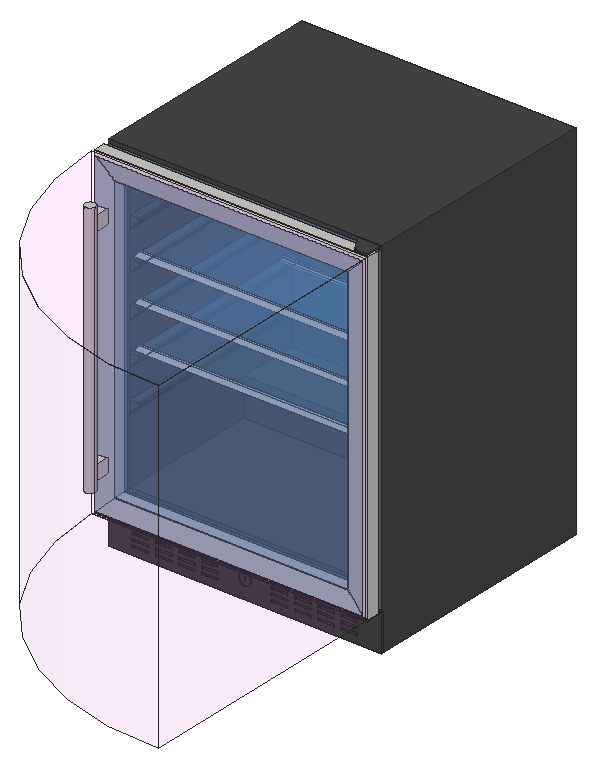
Revit family "QF_Summit_AL57G_ADA_Compliant_Commercial_Beverage_Center", category Specialty Equipment, Revit 2020
Family settings
  Round Connector Dimension = Use Diameter
  Part Type = Normal
  Work Plane-Based = No
  Always vertical = Yes
  Cut with Voids When Loaded = No
  Shared = No
  Room Calculation Point = No
Parameters
  Weight in Pounds = 95
  Watts = if(Phase = 3, Volts * FL Amps * 1.73, Volts * FL Amps)  # 115 W
  Volts = 115 V
  Ventilation Remarks = ""
  URL Cutsheet = ""
  Specification by User = ""
  Specification by Manufacturer = ""
  Show LHD [instance] = no
  Show RHD [instance] = not(Show LHD)  # yes
  Serial Number = ""
  Seismic Rating = ""
  SMACNA No = ""
  Revision Code = ""
  Refrigerant Volume = 0.00 kip
  Refrigerant Type = "R600a"
  Phase = 1
  Number of Poles = 1
  NAFEM Spec ID Number = ""
  Model = "AL57G"
  Min Ckt Ampacity = 0 A
  Max Overcurrent Protection = 0 A
  Masterspec = ""
  Manufacturer = "Summit"
  Length = 23 5/8"
  Item Number = ""
  Installed By = ""
  Identify Quantity as Lot = yes
  Height = 32"
  HP = ""
  Furnished By = ""
  Foodservice Equipment Identifier = yes
  FL Amps = 1 A
  Electrical Remarks = ""
  Electric Connection Type = ""
  Elec Conn RI Height = 0"
  Elec Conn Connection Height = 0"
  Description = "ADA Compliant Commercial Beverage Center"
  Depth = 22 5/8"
  Default Elevation = 0"
  Cycle = 60 Hz
  Conn Plug = ""
  Conn Conduit = yes
  CSI MasterFormat = ""
  Base Height [instance] = 1/2"
  BTUH = 0.0 Btu/h
  Apparent Power = if(Phase = 3, Volts * FL Amps * 1.73, Volts * FL Amps)  # 115 VA
Reference planes (in)
  plane 1 "BACK": y = 0
  plane 2: z = 0
  plane 3 "LEFT": x = 0
  plane 4 "RIGHT": x = 23.625
  plane 5 "FRONT": y = -22.625
  plane 6 "TOP": z = 32
  plane 7 "Center Y": x = 11.8125
  plane 8 "Center X": y = -11.3125
  plane 9 "Base Height": z = 0.5
  plane 10: y = -45
  plane 11: y = -20.875
  plane 12: z = 3.75
  plane 13: y = -24.06125
  plane 14: y = -24.06125
Forms (in)
  Extrusion 1, solid, material "QF_Metal_Black"
    sketch origin (0, 0, 0.5) x (-1, 0, 0) y (0, -1, 0)
      loop
        line (0, 0) -> (0, 20.875) -> (-23.625, 20.875) -> (-23.625, 0) -> (0, 0)
    from 0 to 31.5
  Extrusion 2, solid, material "QF_Metal_Stainless_Polished"
    sketch origin (23.625, -21.375, 0.5) x (-1, 0, 0) y (0, 0, -1)
      loop
        line (23.625, -31.3125) -> (23.625, -3.25) -> (0, -3.25) -> (0, -31.3125) -> (23.625, -31.3125)
      loop
        line (21.875, -29.5625) -> (21.875, -5) -> (1.75, -5) -> (1.75, -29.5625) -> (21.875, -29.5625)
    from 0 to 1
  Extrusion 3, solid, material "QF_Metal_Black"
    sketch origin (23.625, -20.875, 0.5) x (-1, 0, 0) y (0, 0, -1)
      loop
        line (23.625, -3.25) -> (23.625, 0) -> (0, 0) -> (0, -3.25) -> (23.625, -3.25)
      loop
        circle (11.8125, -1.625) r 0.5625
      loop
        arc (2.1875, -2.625) -> (2.0625, -2.75) -> (2.1875, -2.875) r 0.125
        line (2.1875, -2.875) -> (3.4375, -2.875)
        arc (3.4375, -2.875) -> (3.5625, -2.75) -> (3.4375, -2.625) r 0.125
        line (3.4375, -2.625) -> (2.1875, -2.625)
      loop
        line (2.1875, -2.375) -> (3.4375, -2.375)
        arc (3.4375, -2.375) -> (3.5625, -2.25) -> (3.4375, -2.125) r 0.125
        line (3.4375, -2.125) -> (2.1875, -2.125)
        arc (2.1875, -2.125) -> (2.0625, -2.25) -> (2.1875, -2.375) r 0.125
      loop
        line (2.1875, -1.875) -> (3.4375, -1.875)
        arc (3.4375, -1.875) -> (3.5625, -1.75) -> (3.4375, -1.625) r 0.125
        line (3.4375, -1.625) -> (2.1875, -1.625)
        arc (2.1875, -1.625) -> (2.0625, -1.75) -> (2.1875, -1.875) r 0.125
      loop
        line (2.1875, -1.375) -> (3.4375, -1.375)
        arc (3.4375, -1.375) -> (3.5625, -1.25) -> (3.4375, -1.125) r 0.125
        line (3.4375, -1.125) -> (2.1875, -1.125)
        arc (2.1875, -1.125) -> (2.0625, -1.25) -> (2.1875, -1.375) r 0.125
      loop
        line (2.1875, -0.875) -> (3.4375, -0.875)
        arc (3.4375, -0.875) -> (3.5625, -0.75) -> (3.4375, -0.625) r 0.125
        line (3.4375, -0.625) -> (2.1875, -0.625)
        arc (2.1875, -0.625) -> (2.0625, -0.75) -> (2.1875, -0.875) r 0.125
      loop
        arc (4.1875, -2.625) -> (4.0625, -2.75) -> (4.1875, -2.875) r 0.125
        line (4.1875, -2.875) -> (5.4375, -2.875)
        arc (5.4375, -2.875) -> (5.5625, -2.75) -> (5.4375, -2.625) r 0.125
        line (5.4375, -2.625) -> (4.1875, -2.625)
      loop
        line (4.1875, -2.375) -> (5.4375, -2.375)
        arc (5.4375, -2.375) -> (5.5625, -2.25) -> (5.4375, -2.125) r 0.125
        line (5.4375, -2.125) -> (4.1875, -2.125)
        arc (4.1875, -2.125) -> (4.0625, -2.25) -> (4.1875, -2.375) r 0.125
      loop
        line (4.1875, -1.875) -> (5.4375, -1.875)
        arc (5.4375, -1.875) -> (5.5625, -1.75) -> (5.4375, -1.625) r 0.125
        line (5.4375, -1.625) -> (4.1875, -1.625)
        arc (4.1875, -1.625) -> (4.0625, -1.75) -> (4.1875, -1.875) r 0.125
      loop
        line (4.1875, -1.375) -> (5.4375, -1.375)
        arc (5.4375, -1.375) -> (5.5625, -1.25) -> (5.4375, -1.125) r 0.125
        line (5.4375, -1.125) -> (4.1875, -1.125)
        arc (4.1875, -1.125) -> (4.0625, -1.25) -> (4.1875, -1.375) r 0.125
      loop
        line (4.1875, -0.875) -> (5.4375, -0.875)
        arc (5.4375, -0.875) -> (5.5625, -0.75) -> (5.4375, -0.625) r 0.125
        line (5.4375, -0.625) -> (4.1875, -0.625)
        arc (4.1875, -0.625) -> (4.0625, -0.75) -> (4.1875, -0.875) r 0.125
      loop
        arc (6.1875, -2.625) -> (6.0625, -2.75) -> (6.1875, -2.875) r 0.125
        line (6.1875, -2.875) -> (7.4375, -2.875)
        arc (7.4375, -2.875) -> (7.5625, -2.75) -> (7.4375, -2.625) r 0.125
        line (7.4375, -2.625) -> (6.1875, -2.625)
      loop
        line (6.1875, -2.375) -> (7.4375, -2.375)
        arc (7.4375, -2.375) -> (7.5625, -2.25) -> (7.4375, -2.125) r 0.125
        line (7.4375, -2.125) -> (6.1875, -2.125)
        arc (6.1875, -2.125) -> (6.0625, -2.25) -> (6.1875, -2.375) r 0.125
      loop
        line (6.1875, -1.875) -> (7.4375, -1.875)
        arc (7.4375, -1.875) -> (7.5625, -1.75) -> (7.4375, -1.625) r 0.125
        line (7.4375, -1.625) -> (6.1875, -1.625)
        arc (6.1875, -1.625) -> (6.0625, -1.75) -> (6.1875, -1.875) r 0.125
      loop
        line (6.1875, -1.375) -> (7.4375, -1.375)
        arc (7.4375, -1.375) -> (7.5625, -1.25) -> (7.4375, -1.125) r 0.125
        line (7.4375, -1.125) -> (6.1875, -1.125)
        arc (6.1875, -1.125) -> (6.0625, -1.25) -> (6.1875, -1.375) r 0.125
      loop
        line (6.1875, -0.875) -> (7.4375, -0.875)
        arc (7.4375, -0.875) -> (7.5625, -0.75) -> (7.4375, -0.625) r 0.125
        line (7.4375, -0.625) -> (6.1875, -0.625)
        arc (6.1875, -0.625) -> (6.0625, -0.75) -> (6.1875, -0.875) r 0.125
      loop
        arc (8.1875, -2.625) -> (8.0625, -2.75) -> (8.1875, -2.875) r 0.125
        line (8.1875, -2.875) -> (9.4375, -2.875)
        arc (9.4375, -2.875) -> (9.5625, -2.75) -> (9.4375, -2.625) r 0.125
        line (9.4375, -2.625) -> (8.1875, -2.625)
      loop
        line (8.1875, -2.375) -> (9.4375, -2.375)
        arc (9.4375, -2.375) -> (9.5625, -2.25) -> (9.4375, -2.125) r 0.125
        line (9.4375, -2.125) -> (8.1875, -2.125)
        arc (8.1875, -2.125) -> (8.0625, -2.25) -> (8.1875, -2.375) r 0.125
      loop
        line (8.1875, -1.875) -> (9.4375, -1.875)
        arc (9.4375, -1.875) -> (9.5625, -1.75) -> (9.4375, -1.625) r 0.125
        line (9.4375, -1.625) -> (8.1875, -1.625)
        arc (8.1875, -1.625) -> (8.0625, -1.75) -> (8.1875, -1.875) r 0.125
      loop
        line (8.1875, -1.375) -> (9.4375, -1.375)
        arc (9.4375, -1.375) -> (9.5625, -1.25) -> (9.4375, -1.125) r 0.125
        line (9.4375, -1.125) -> (8.1875, -1.125)
        arc (8.1875, -1.125) -> (8.0625, -1.25) -> (8.1875, -1.375) r 0.125
      loop
        line (8.1875, -0.875) -> (9.4375, -0.875)
        arc (9.4375, -0.875) -> (9.5625, -0.75) -> (9.4375, -0.625) r 0.125
        line (9.4375, -0.625) -> (8.1875, -0.625)
        arc (8.1875, -0.625) -> (8.0625, -0.75) -> (8.1875, -0.875) r 0.125
      loop
        arc (14.1875, -2.625) -> (14.0625, -2.75) -> (14.1875, -2.875) r 0.125
        line (14.1875, -2.875) -> (15.4375, -2.875)
        arc (15.4375, -2.875) -> (15.5625, -2.75) -> (15.4375, -2.625) r 0.125
        line (15.4375, -2.625) -> (14.1875, -2.625)
      loop
        line (14.1875, -2.375) -> (15.4375, -2.375)
        arc (15.4375, -2.375) -> (15.5625, -2.25) -> (15.4375, -2.125) r 0.125
        line (15.4375, -2.125) -> (14.1875, -2.125)
        arc (14.1875, -2.125) -> (14.0625, -2.25) -> (14.1875, -2.375) r 0.125
      loop
        line (14.1875, -1.875) -> (15.4375, -1.875)
        arc (15.4375, -1.875) -> (15.5625, -1.75) -> (15.4375, -1.625) r 0.125
        line (15.4375, -1.625) -> (14.1875, -1.625)
        arc (14.1875, -1.625) -> (14.0625, -1.75) -> (14.1875, -1.875) r 0.125
      loop
        line (14.1875, -1.375) -> (15.4375, -1.375)
        arc (15.4375, -1.375) -> (15.5625, -1.25) -> (15.4375, -1.125) r 0.125
        line (15.4375, -1.125) -> (14.1875, -1.125)
        arc (14.1875, -1.125) -> (14.0625, -1.25) -> (14.1875, -1.375) r 0.125
      loop
        line (14.1875, -0.875) -> (15.4375, -0.875)
        arc (15.4375, -0.875) -> (15.5625, -0.75) -> (15.4375, -0.625) r 0.125
        line (15.4375, -0.625) -> (14.1875, -0.625)
        arc (14.1875, -0.625) -> (14.0625, -0.75) -> (14.1875, -0.875) r 0.125
      loop
        arc (16.1875, -2.625) -> (16.0625, -2.75) -> (16.1875, -2.875) r 0.125
        line (16.1875, -2.875) -> (17.4375, -2.875)
        arc (17.4375, -2.875) -> (17.5625, -2.75) -> (17.4375, -2.625) r 0.125
        line (17.4375, -2.625) -> (16.1875, -2.625)
      loop
        line (16.1875, -2.375) -> (17.4375, -2.375)
        arc (17.4375, -2.375) -> (17.5625, -2.25) -> (17.4375, -2.125) r 0.125
        line (17.4375, -2.125) -> (16.1875, -2.125)
        arc (16.1875, -2.125) -> (16.0625, -2.25) -> (16.1875, -2.375) r 0.125
      loop
        line (16.1875, -1.875) -> (17.4375, -1.875)
        arc (17.4375, -1.875) -> (17.5625, -1.75) -> (17.4375, -1.625) r 0.125
        line (17.4375, -1.625) -> (16.1875, -1.625)
        arc (16.1875, -1.625) -> (16.0625, -1.75) -> (16.1875, -1.875) r 0.125
      loop
        line (16.1875, -1.375) -> (17.4375, -1.375)
        arc (17.4375, -1.375) -> (17.5625, -1.25) -> (17.4375, -1.125) r 0.125
        line (17.4375, -1.125) -> (16.1875, -1.125)
        arc (16.1875, -1.125) -> (16.0625, -1.25) -> (16.1875, -1.375) r 0.125
      loop
        line (16.1875, -0.875) -> (17.4375, -0.875)
        arc (17.4375, -0.875) -> (17.5625, -0.75) -> (17.4375, -0.625) r 0.125
        line (17.4375, -0.625) -> (16.1875, -0.625)
        arc (16.1875, -0.625) -> (16.0625, -0.75) -> (16.1875, -0.875) r 0.125
      loop
        arc (18.1875, -2.625) -> (18.0625, -2.75) -> (18.1875, -2.875) r 0.125
        line (18.1875, -2.875) -> (19.4375, -2.875)
        arc (19.4375, -2.875) -> (19.5625, -2.75) -> (19.4375, -2.625) r 0.125
        line (19.4375, -2.625) -> (18.1875, -2.625)
      loop
        line (18.1875, -2.375) -> (19.4375, -2.375)
        arc (19.4375, -2.375) -> (19.5625, -2.25) -> (19.4375, -2.125) r 0.125
        line (19.4375, -2.125) -> (18.1875, -2.125)
        arc (18.1875, -2.125) -> (18.0625, -2.25) -> (18.1875, -2.375) r 0.125
      loop
        line (18.1875, -1.875) -> (19.4375, -1.875)
        arc (19.4375, -1.875) -> (19.5625, -1.75) -> (19.4375, -1.625) r 0.125
        line (19.4375, -1.625) -> (18.1875, -1.625)
        arc (18.1875, -1.625) -> (18.0625, -1.75) -> (18.1875, -1.875) r 0.125
      loop
        line (18.1875, -1.375) -> (19.4375, -1.375)
        arc (19.4375, -1.375) -> (19.5625, -1.25) -> (19.4375, -1.125) r 0.125
        line (19.4375, -1.125) -> (18.1875, -1.125)
        arc (18.1875, -1.125) -> (18.0625, -1.25) -> (18.1875, -1.375) r 0.125
      loop
        line (18.1875, -0.875) -> (19.4375, -0.875)
        arc (19.4375, -0.875) -> (19.5625, -0.75) -> (19.4375, -0.625) r 0.125
        line (19.4375, -0.625) -> (18.1875, -0.625)
        arc (18.1875, -0.625) -> (18.0625, -0.75) -> (18.1875, -0.875) r 0.125
      loop
        arc (20.1875, -2.625) -> (20.0625, -2.75) -> (20.1875, -2.875) r 0.125
        line (20.1875, -2.875) -> (21.4375, -2.875)
        arc (21.4375, -2.875) -> (21.5625, -2.75) -> (21.4375, -2.625) r 0.125
        line (21.4375, -2.625) -> (20.1875, -2.625)
      loop
        line (20.1875, -2.375) -> (21.4375, -2.375)
        arc (21.4375, -2.375) -> (21.5625, -2.25) -> (21.4375, -2.125) r 0.125
        line (21.4375, -2.125) -> (20.1875, -2.125)
        arc (20.1875, -2.125) -> (20.0625, -2.25) -> (20.1875, -2.375) r 0.125
      loop
        line (20.1875, -1.875) -> (21.4375, -1.875)
        arc (21.4375, -1.875) -> (21.5625, -1.75) -> (21.4375, -1.625) r 0.125
        line (21.4375, -1.625) -> (20.1875, -1.625)
        arc (20.1875, -1.625) -> (20.0625, -1.75) -> (20.1875, -1.875) r 0.125
      loop
        line (20.1875, -1.375) -> (21.4375, -1.375)
        arc (21.4375, -1.375) -> (21.5625, -1.25) -> (21.4375, -1.125) r 0.125
        line (21.4375, -1.125) -> (20.1875, -1.125)
        arc (20.1875, -1.125) -> (20.0625, -1.25) -> (20.1875, -1.375) r 0.125
      loop
        line (20.1875, -0.875) -> (21.4375, -0.875)
        arc (21.4375, -0.875) -> (21.5625, -0.75) -> (21.4375, -0.625) r 0.125
        line (21.4375, -0.625) -> (20.1875, -0.625)
        arc (20.1875, -0.625) -> (20.0625, -0.75) -> (20.1875, -0.875) r 0.125
    from -0.0625 to 0
  Extrusion 4, solid, material "QF_Rubber - Black - Smooth"
    sketch origin (23.625, -20.875, 0.5) x (-1, 0, 0) y (0, 0, -1)
      loop
        line (0.125, -3.375) -> (0.125, -31.1875) -> (23.5, -31.1875) -> (23.5, -3.375) -> (0.125, -3.375)
      loop
        line (22, -4.875) -> (1.625, -4.875) -> (1.625, -29.6875) -> (22, -29.6875) -> (22, -4.875)
    from 0 to 0.5
  Extrusion 5, solid, material "QF_Rubber - Black - Smooth"
    sketch origin (0, 0, 0.5) x (1, 0, 0) y (0, 0, -1)
      loop
        circle (20.625, -1.80244) r 0.25
    from 0 to 0.0625
  Revolve 6, solid, material "QF_Metal_Black"
    sketch origin (0.13939, -1.5625, 0) x (1, 0, 0) y (0, 0, 1)
      loop
        line (21.92311, 0.5) -> (21.73561, 0.5) -> (21.73561, 0.375) -> (21.33978, 0.375) -> (21.33978, 0.3125) -> (21.42311, 0) -> (21.92311, 0) -> (21.92311, 0.5)
      axis (21.92311, 0) -> (21.92311, 0.5)
    angle from 0 to 360
  Revolve 7, solid, material "QF_Metal_Black"
    sketch origin (-0.125, -19.3125, 0) x (1, 0, 0) y (0, 0, 1)
      loop
        line (22.1875, 0.5) -> (22, 0.5) -> (22, 0.375) -> (21.60417, 0.375) -> (21.60417, 0.3125) -> (21.6875, 0) -> (22.1875, 0) -> (22.1875, 0.5)
      axis (22.1875, 0) -> (22.1875, 0.5)
    angle from 0 to 360
  Revolve 8, solid, material "QF_Metal_Black"
    sketch origin (-20.11061, -1.5625, 0) x (1, 0, 0) y (0, 0, 1)
      loop
        line (21.67311, 0.5) -> (21.48561, 0.5) -> (21.48561, 0.375) -> (21.08978, 0.375) -> (21.08978, 0.3125) -> (21.17311, 0) -> (21.67311, 0) -> (21.67311, 0.5)
      axis (21.67311, 0) -> (21.67311, 0.5)
    angle from 0 to 360
  Revolve 9, solid, material "QF_Metal_Black"
    sketch origin (-20.375, -19.3125, 0) x (1, 0, 0) y (0, 0, 1)
      loop
        line (21.9375, 0.5) -> (21.75, 0.5) -> (21.75, 0.375) -> (21.35417, 0.375) -> (21.35417, 0.3125) -> (21.4375, 0) -> (21.9375, 0) -> (21.9375, 0.5)
      axis (21.9375, 0) -> (21.9375, 0.5)
    angle from 0 to 360
  Extrusion 10, solid, material "QF_Clearances_Door_Drawer", visible <- "Show RHD"
    sketch origin (0, 0, 0.5) x (-1, 0, 0) y (0, -1, 0)
      loop
        line (-23.625, 44.98219) -> (-23.625, 22.625) -> (0, 22.625)
        arc (0, 22.625) -> (-7.00062, 38.88834) -> (-23.625, 44.98219) r 22.39121
    from 3.25 to 31.3125
  Extrusion 11, void
    sketch origin (23.625, -20.875, 0.5) x (-1, 0, 0) y (0, 0, -1)
      loop
        line (0, 0) -> (0, -3.25) -> (23.625, -3.25) -> (23.625, 0) -> (0, 0)
    from -0.0625 to 0.125
  Extrusion 12, void
    sketch origin (23.625, 0, 0.5) x (0, 1, 0) y (0, 0, -1)
      loop
        line (-24.875, -30.125) -> (-3.375, -30.125) -> (-3.375, -8.375) -> (-8.5, -8.375) -> (-8.5, -5.125) -> (-24.875, -5.125) -> (-24.875, -30.125)
    from 1.8125 to 21.8125
  Extrusion 13, solid, material "Glass"
    sketch origin (23.625, -21.375, 0.5) x (1, 0, 0) y (0, 0, -1)
      loop
        line (-21.875, -29.5625) -> (-1.75, -29.5625) -> (-1.75, -5) -> (-21.875, -5) -> (-21.875, -29.5625)
    from 0 to -1
  Extrusion 14, solid, material "QF_Metal_Black"
    sketch origin (23.625, -20.875, 0.5) x (-1, 0, 0) y (0, 0, -1)
      loop
        line (15.3125, -30.125) -> (14.8125, -28.875) -> (8.8125, -28.875) -> (8.3125, -30.125) -> (15.3125, -30.125)
    from 0 to -2
  Sweep 15, solid, material "QF_Metal_Black"
    path origin (0.125, -3.37456, 0.25) x (1, 0, 0) y (0, 0, 1)
      loop
        circle (11.6875, 26.18928) r 2.25
    profile origin (11.8125, -3.37456, 28.68928) x (0, 0, -1) y (0, -1, 0)
      loop
        circle (0.03373, 0.03373) r 0.03373
      loop
        circle (0.08829, 0.20529) r 0.03352
      loop
        circle (0.20041, 0.35733) r 0.03352
      loop
        circle (0.33417, 0.4723) r 0.03352
      loop
        circle (0.50977, 0.4723) r 0.03352
      loop
        circle (0.68537, 0.4723) r 0.03352
      loop
        circle (0.86097, 0.4723) r 0.03352
      loop
        circle (1.03657, 0.4723) r 0.03352
      loop
        circle (1.21216, 0.4723) r 0.03352
      loop
        circle (1.38776, 0.4723) r 0.03352
      loop
        circle (1.56336, 0.4723) r 0.03352
  Extrusion 16, solid, material "QF_Metal_Black"
    sketch origin (23.625, -3.375, 29.625) x (0, 0, -1) y (1, 0, 0)
      loop
        circle (3.18572, -11.8125) r 0.48965
    from 0.43532 to 0.5066
  Extrusion 17, solid, material "QF_Metal_Black"
    sketch origin (23.625, -20.8125, 0.5) x (-1, 0, 0) y (0, 0, -1)
      loop
        circle (11.8125, -1.625) r 0.5
      loop
        line (11.82845, -1.81198) -> (11.82845, -1.43802) -> (11.79655, -1.43802) -> (11.79655, -1.81198) -> (11.82845, -1.81198)
    from 0 to 0.0625
  Extrusion 18, solid, material "QF_Metal_Black"
    sketch origin (23.625, -3.375, 30) x (0, 0, -1) y (1, 0, 0)
      loop
        line (3.1875, -21.8125) -> (4.41344, -21.8125)
        arc (4.41344, -21.8125) -> (4.36561, -21.80298) -> (4.32506, -21.77589) r 0.125
        line (4.32506, -21.77589) -> (3.52328, -20.97411)
        arc (3.52328, -20.97411) -> (3.48273, -20.94702) -> (3.43489, -20.9375) r 0.125
        line (3.43489, -20.9375) -> (3.3125, -20.9375)
        arc (3.3125, -20.9375) -> (3.26831, -20.95581) -> (3.25, -21) r 0.0625
        line (3.25, -21) -> (3.25, -21.75)
        arc (3.25, -21.75) -> (3.23169, -21.79419) -> (3.1875, -21.8125) r 0.0625
      loop
        line (6.5625, -21.8125) -> (7.78844, -21.8125)
        arc (7.78844, -21.8125) -> (7.74061, -21.80298) -> (7.70006, -21.77589) r 0.125
        line (7.70006, -21.77589) -> (6.89828, -20.97411)
        arc (6.89828, -20.97411) -> (6.85773, -20.94702) -> (6.80989, -20.9375) r 0.125
        line (6.80989, -20.9375) -> (6.6875, -20.9375)
        arc (6.6875, -20.9375) -> (6.64331, -20.95581) -> (6.625, -21) r 0.0625
        line (6.625, -21) -> (6.625, -21.75)
        arc (6.625, -21.75) -> (6.60669, -21.79419) -> (6.5625, -21.8125) r 0.0625
      loop
        line (10.1875, -21.8125) -> (11.41344, -21.8125)
        arc (11.41344, -21.8125) -> (11.36561, -21.80298) -> (11.32506, -21.77589) r 0.125
        line (11.32506, -21.77589) -> (10.52328, -20.97411)
        arc (10.52328, -20.97411) -> (10.48273, -20.94702) -> (10.43489, -20.9375) r 0.125
        line (10.43489, -20.9375) -> (10.3125, -20.9375)
        arc (10.3125, -20.9375) -> (10.26831, -20.95581) -> (10.25, -21) r 0.0625
        line (10.25, -21) -> (10.25, -21.75)
        arc (10.25, -21.75) -> (10.23169, -21.79419) -> (10.1875, -21.8125) r 0.0625
      loop
        line (13.81244, -21.8125) -> (15.03839, -21.8125)
        arc (15.03839, -21.8125) -> (14.99055, -21.80298) -> (14.95, -21.77589) r 0.125
        line (14.95, -21.77589) -> (14.14822, -20.97411)
        arc (14.14822, -20.97411) -> (14.10767, -20.94702) -> (14.05983, -20.9375) r 0.125
        line (14.05983, -20.9375) -> (13.93744, -20.9375)
        arc (13.93744, -20.9375) -> (13.89325, -20.95581) -> (13.87494, -21) r 0.0625
        line (13.87494, -21) -> (13.87494, -21.75)
        arc (13.87494, -21.75) -> (13.85664, -21.79419) -> (13.81244, -21.8125) r 0.0625
      loop
        line (17.4375, -21.8125) -> (18.66344, -21.8125)
        arc (18.66344, -21.8125) -> (18.61561, -21.80298) -> (18.57506, -21.77589) r 0.125
        line (18.57506, -21.77589) -> (17.77328, -20.97411)
        arc (17.77328, -20.97411) -> (17.73273, -20.94702) -> (17.68489, -20.9375) r 0.125
        line (17.68489, -20.9375) -> (17.5625, -20.9375)
        arc (17.5625, -20.9375) -> (17.51831, -20.95581) -> (17.5, -21) r 0.0625
        line (17.5, -21) -> (17.5, -21.75)
        arc (17.5, -21.75) -> (17.48169, -21.79419) -> (17.4375, -21.8125) r 0.0625
      loop
        arc (3.1875, -1.8125) -> (3.23169, -1.83081) -> (3.25, -1.875) r 0.0625
        line (3.25, -1.875) -> (3.25, -2.625)
        arc (3.25, -2.625) -> (3.26831, -2.66919) -> (3.3125, -2.6875) r 0.0625
        line (3.3125, -2.6875) -> (3.43489, -2.6875)
        arc (3.43489, -2.6875) -> (3.48273, -2.67798) -> (3.52328, -2.65089) r 0.125
        line (3.52328, -2.65089) -> (4.32506, -1.84911)
        arc (4.32506, -1.84911) -> (4.36561, -1.82202) -> (4.41344, -1.8125) r 0.125
        line (4.41344, -1.8125) -> (3.1875, -1.8125)
      loop
        arc (6.5625, -1.8125) -> (6.60669, -1.83081) -> (6.625, -1.875) r 0.0625
        line (6.625, -1.875) -> (6.625, -2.625)
        arc (6.625, -2.625) -> (6.64331, -2.66919) -> (6.6875, -2.6875) r 0.0625
        line (6.6875, -2.6875) -> (6.80989, -2.6875)
        arc (6.80989, -2.6875) -> (6.85773, -2.67798) -> (6.89828, -2.65089) r 0.125
        line (6.89828, -2.65089) -> (7.70006, -1.84911)
        arc (7.70006, -1.84911) -> (7.74061, -1.82202) -> (7.78844, -1.8125) r 0.125
        line (7.78844, -1.8125) -> (6.5625, -1.8125)
      loop
        arc (10.1875, -1.8125) -> (10.23169, -1.83081) -> (10.25, -1.875) r 0.0625
        line (10.25, -1.875) -> (10.25, -2.625)
        arc (10.25, -2.625) -> (10.26831, -2.66919) -> (10.3125, -2.6875) r 0.0625
        line (10.3125, -2.6875) -> (10.43489, -2.6875)
        arc (10.43489, -2.6875) -> (10.48273, -2.67798) -> (10.52328, -2.65089) r 0.125
        line (10.52328, -2.65089) -> (11.32506, -1.84911)
        arc (11.32506, -1.84911) -> (11.36561, -1.82202) -> (11.41344, -1.8125) r 0.125
        line (11.41344, -1.8125) -> (10.1875, -1.8125)
      loop
        arc (13.81244, -1.8125) -> (13.85664, -1.83081) -> (13.87494, -1.875) r 0.0625
        line (13.87494, -1.875) -> (13.87494, -2.625)
        arc (13.87494, -2.625) -> (13.89325, -2.66919) -> (13.93744, -2.6875) r 0.0625
        line (13.93744, -2.6875) -> (14.05983, -2.6875)
        arc (14.05983, -2.6875) -> (14.10767, -2.67798) -> (14.14822, -2.65089) r 0.125
        line (14.14822, -2.65089) -> (14.95, -1.84911)
        arc (14.95, -1.84911) -> (14.99055, -1.82202) -> (15.03839, -1.8125) r 0.125
        line (15.03839, -1.8125) -> (13.81244, -1.8125)
      loop
        arc (17.4375, -1.8125) -> (17.48169, -1.83081) -> (17.5, -1.875) r 0.0625
        line (17.5, -1.875) -> (17.5, -2.625)
        arc (17.5, -2.625) -> (17.51831, -2.66919) -> (17.5625, -2.6875) r 0.0625
        line (17.5625, -2.6875) -> (17.68489, -2.6875)
        arc (17.68489, -2.6875) -> (17.73273, -2.67798) -> (17.77328, -2.65089) r 0.125
        line (17.77328, -2.65089) -> (18.57506, -1.84911)
        arc (18.57506, -1.84911) -> (18.61561, -1.82202) -> (18.66344, -1.8125) r 0.125
        line (18.66344, -1.8125) -> (17.4375, -1.8125)
    from 0 to 17.5
  Extrusion 19, solid, material "QF_Metal_Stainless_Polished", visible <- "Show RHD"
    sketch origin (0, 0, 0.5) x (-1, 0, 0) y (0, -1, 0)
      loop
        circle (-0.875, 23.93625) r 0.43625
    from 6 to 28
  Extrusion 20, solid, material "QF_Metal_Stainless_Polished", visible <- "Show RHD"
    sketch origin (23.6875, -22.375, 0.5) x (-1, 0, 0) y (0, 0, -1)
      loop
        line (22.43875, -27.25) -> (23.18875, -27.25) -> (23.18875, -26) -> (22.43875, -26) -> (22.43875, -27.25)
      loop
        line (22.43875, -6.75) -> (22.43875, -8) -> (23.18875, -8) -> (23.18875, -6.75) -> (22.43875, -6.75)
    from 0 to 1.56125
  Sweep 21, solid, material "QF_Metal_Stainless_Polished", visible <- "Show RHD"
    path origin (0, -22.625, 0) x (1, 0, 0) y (0, 0, 1)
      loop
        line (0, 31.8125) -> (0, 3.75) -> (23.625, 3.75) -> (23.625, 31.8125) -> (0, 31.8125)
    profile origin (0, -22.625, 17.78125) x (0, -1, 0) y (1, 0, 0)
      loop
        line (-0.25, 0) -> (0, 0.25) -> (-0.25, 1.75) -> (-0.25, 0)
  Blend 22, solid, material "Glass"
    base sketch origin (23.625, -22.375, 0.5) x (-1, 0, 0) y (0, 0, -1)
      loop
        line (1.75, -29.5625) -> (21.875, -29.5625) -> (21.875, -5) -> (1.75, -5) -> (1.75, -29.5625)
    top sketch origin (23.625, -22.375, 0.5) x (-1, 0, 0) y (0, 0, -1)
      loop
        line (23.375, -31.0625) -> (23.375, -3.5) -> (0.25, -3.5) -> (0.25, -31.0625) -> (23.375, -31.0625)
    from 0 to 0.25
  Extrusion 23, solid, material "QF_Metal_Black", visible <- "Show RHD"
    sketch origin (0, 0, 32) x (-1, 0, 0) y (0, -1, 0)
      loop
        line (-23.5, 20.875) -> (-21.5, 20.875) -> (-22.46865, 22.32337)
        arc (-22.46865, 22.32337) -> (-22.51304, 22.36135) -> (-22.56985, 22.375) r 0.125
        line (-22.56985, 22.375) -> (-23.375, 22.375)
        arc (-23.375, 22.375) -> (-23.46339, 22.33839) -> (-23.5, 22.25) r 0.125
        line (-23.5, 22.25) -> (-23.5, 20.875)
    from 0 to -0.125
  Extrusion 24, solid, visible <- "Show RHD"
    sketch origin (0, 0, 31.875) x (0, -1, 0) y (-1, 0, 0)
      loop
        circle (22, -23.0625) r 0.1251
    from 0 to 0.0625
  Extrusion 25, solid, material "QF_Metal_Black", visible <- "Show RHD"
    sketch origin (23.5625, -21.375, 3.75) x (0, 1, 0) y (1, 0, 0)
      loop
        line (0.5, -0.0625) -> (-0.875, -0.0625)
        arc (-0.875, -0.0625) -> (-0.96339, -0.09911) -> (-1, -0.1875) r 0.125
        line (-1, -0.1875) -> (-1, -1.9375)
        arc (-1, -1.9375) -> (-0.96339, -2.02589) -> (-0.875, -2.0625) r 0.125
        line (-0.875, -2.0625) -> (0.5, -2.0625) -> (0.5, -0.0625)
    from 0.0625 to 0.1875
  Extrusion 26, solid, material "QF_Metal_Black"
    sketch origin (23.5625, -21.375, 3.6875) x (0, 1, 0) y (-1, 0, 0)
      loop
        circle (-0.625, 0.5) r 0.1251
      loop
        circle (-0.625, 1.625) r 0.1251
    from 0 to 0.0625
  Extrusion 27, solid, material "QF_Metal - Stainless - Polished"
    sketch origin (1.8125, -3.93267, 16.18756) x (0, 0, -1) y (0, -1, 0)
      loop
        line (0.0625, 15.75) -> (0.0625, 16.5)
        arc (0.0625, 16.5) -> (-0.03078, 16.25769) -> (-0.0625, 16) r 1.0625
        line (-0.0625, 16) -> (-0.0625, 15.75) -> (0.0625, 15.75)
      loop
        line (0.0625, 0.38883) -> (0.0625, 0.88883) -> (-0.0625, 0.88883) -> (-0.0625, 0.51383) -> (-0.1875, 0.51383) -> (-0.1875, 0.38883) -> (0.0625, 0.38883)
    from -0.125 to -19.875
  Extrusion 28, solid, material "Glass"
    sketch origin (1.9375, -3.93267, 16.18756) x (0, 0, -1) y (0, -1, 0)
      loop
        line (-0.0625, 15.75) -> (-0.0625, 0.88883) -> (0.0625, 0.88883) -> (0.0625, 15.75) -> (-0.0625, 15.75)
    from 0 to -19.75
  Extrusion 29, solid, material "QF_Metal - Stainless - Polished", not visible
    sketch origin (1.6875, -3.25, 12.5625) x (0, 0, -1) y (0, -1, 0)
      loop
        line (0.0625, 15.75) -> (0.0625, 16.5)
        arc (0.0625, 16.5) -> (-0.03078, 16.25769) -> (-0.0625, 16) r 1.0625
        line (-0.0625, 16) -> (-0.0625, 15.75) -> (0.0625, 15.75)
      loop
        line (0.0625, 0.38883) -> (0.0625, 0.88883) -> (-0.0625, 0.88883) -> (-0.0625, 0.51383) -> (-0.1875, 0.51383) -> (-0.1875, 0.38883) -> (0.0625, 0.38883)
    from -0.125 to -19.875
  Extrusion 30, solid, material "Glass", not visible
    sketch origin (1.8125, -3.25, 12.5625) x (0, 0, -1) y (0, -1, 0)
      loop
        line (-0.0625, 15.75) -> (-0.0625, 0.88883) -> (0.0625, 0.88883) -> (0.0625, 15.75) -> (-0.0625, 15.75)
    from 0 to -19.75
  Extrusion 31, solid, material "QF_Metal - Stainless - Polished"
    sketch origin (1.8125, -3.93267, 19.8125) x (0, 0, -1) y (0, -1, 0)
      loop
        line (0.0625, 15.75) -> (0.0625, 16.5)
        arc (0.0625, 16.5) -> (-0.03078, 16.25769) -> (-0.0625, 16) r 1.0625
        line (-0.0625, 16) -> (-0.0625, 15.75) -> (0.0625, 15.75)
      loop
        line (0.0625, 0.38883) -> (0.0625, 0.88883) -> (-0.0625, 0.88883) -> (-0.0625, 0.51383) -> (-0.1875, 0.51383) -> (-0.1875, 0.38883) -> (0.0625, 0.38883)
    from -0.125 to -19.875
  Extrusion 32, solid, material "Glass"
    sketch origin (1.9375, -3.93267, 19.8125) x (0, 0, -1) y (0, -1, 0)
      loop
        line (-0.0625, 15.75) -> (-0.0625, 0.88883) -> (0.0625, 0.88883) -> (0.0625, 15.75) -> (-0.0625, 15.75)
    from 0 to -19.75
  Extrusion 33, solid, material "QF_Metal - Stainless - Polished"
    sketch origin (1.8125, -3.93267, 23.4375) x (0, 0, -1) y (0, -1, 0)
      loop
        line (0.0625, 15.75) -> (0.0625, 16.5)
        arc (0.0625, 16.5) -> (-0.03078, 16.25769) -> (-0.0625, 16) r 1.0625
        line (-0.0625, 16) -> (-0.0625, 15.75) -> (0.0625, 15.75)
      loop
        line (0.0625, 0.38883) -> (0.0625, 0.88883) -> (-0.0625, 0.88883) -> (-0.0625, 0.51383) -> (-0.1875, 0.51383) -> (-0.1875, 0.38883) -> (0.0625, 0.38883)
    from -0.125 to -19.875
  Extrusion 34, solid, material "Glass"
    sketch origin (1.9375, -3.93267, 23.4375) x (0, 0, -1) y (0, -1, 0)
      loop
        line (-0.0625, 15.75) -> (-0.0625, 0.88883) -> (0.0625, 0.88883) -> (0.0625, 15.75) -> (-0.0625, 15.75)
    from 0 to -19.75
  Extrusion 35, solid, material "QF_Clearances_Door_Drawer", visible <- "Show LHD"
    sketch origin (23.625, 0, 0.5) x (1, 0, 0) y (0, 1, 0)
      loop
        arc (-23.625, -44.98219) -> (-7.00062, -38.88834) -> (0, -22.625) r 22.39121
        line (0, -22.625) -> (-23.625, -22.625) -> (-23.625, -44.98219)
    from 3.25 to 31.3125
  Extrusion 36, solid, material "QF_Metal_Stainless_Polished", visible <- "Show LHD"
    sketch origin (23.625, 0, 0.5) x (1, 0, 0) y (0, 1, 0)
      loop
        circle (-0.875, -23.93625) r 0.43625
    from 6 to 28
  Extrusion 37, solid, material "QF_Metal_Stainless_Polished", visible <- "Show LHD"
    sketch origin (-0.0625, -22.375, 0.5) x (1, 0, 0) y (0, 0, 1)
      loop
        line (22.43875, 27.25) -> (22.43875, 26) -> (23.18875, 26) -> (23.18875, 27.25) -> (22.43875, 27.25)
      loop
        line (22.43875, 6.75) -> (23.18875, 6.75) -> (23.18875, 8) -> (22.43875, 8) -> (22.43875, 6.75)
    from 0 to 1.56125
  Extrusion 38, solid, material "QF_Metal_Black", visible <- "Show LHD"
    sketch origin (23.625, 0, 32) x (1, 0, 0) y (0, 1, 0)
      loop
        line (-23.5, -20.875) -> (-23.5, -22.25)
        arc (-23.5, -22.25) -> (-23.46339, -22.33839) -> (-23.375, -22.375) r 0.125
        line (-23.375, -22.375) -> (-22.56985, -22.375)
        arc (-22.56985, -22.375) -> (-22.51304, -22.36135) -> (-22.46865, -22.32337) r 0.125
        line (-22.46865, -22.32337) -> (-21.5, -20.875) -> (-23.5, -20.875)
    from 0 to -0.125
  Extrusion 39, solid, material "QF_Metal_Black", visible <- "Show LHD"
    sketch origin (0.0625, -21.375, 3.75) x (0, -1, 0) y (-1, 0, 0)
      loop
        line (-0.5, -0.0625) -> (-0.5, -2.0625) -> (0.875, -2.0625)
        arc (0.875, -2.0625) -> (0.96339, -2.02589) -> (1, -1.9375) r 0.125
        line (1, -1.9375) -> (1, -0.1875)
        arc (1, -0.1875) -> (0.96339, -0.09911) -> (0.875, -0.0625) r 0.125
        line (0.875, -0.0625) -> (-0.5, -0.0625)
    from 0.0625 to 0.1875
Cuts and joins
  Extrusion 11, Extrusion 12 cuts Extrusion 1
  joined: Extrusion 19, Sweep 21
Lines and regions (in)
  Split face 1
    outline origin (23.625, -20.875, 0.5) x (-1, 0, 0) y (0, 0, -1)
      loop
        line (12.1875, -29.8125) -> (12.1875, -29.1875) -> (11.4375, -29.1875) -> (11.4375, -29.8125) -> (12.1875, -29.8125)
  Split face 2
    outline origin (23.625, -20.875, 0.5) x (-1, 0, 0) y (0, 0, -1)
      loop
        line (11.1875, -29.75) -> (11.1875, -29.25) -> (10.6875, -29.25) -> (10.6875, -29.75) -> (11.1875, -29.75)
  Split face 3
    outline origin (23.625, -20.875, 0.5) x (-1, 0, 0) y (0, 0, -1)
      loop
        line (9.875, -29.25) -> (9.875, -29.75) -> (10.375, -29.75) -> (10.375, -29.25) -> (9.875, -29.25)
  Split face 4
    outline origin (23.625, -20.875, 0.5) x (-1, 0, 0) y (0, 0, -1)
      loop
        line (12.9375, -29.75) -> (12.9375, -29.25) -> (12.4375, -29.25) -> (12.4375, -29.75) -> (12.9375, -29.75)
  Split face 5
    outline origin (23.625, -20.875, 0.5) x (-1, 0, 0) y (0, 0, -1)
      loop
        line (13.75, -29.75) -> (13.75, -29.25) -> (13.25, -29.25) -> (13.25, -29.75) -> (13.75, -29.75)
  symbolic lines
    curve 1: line (0, 0, 0.5) -> (23.625, 0, 0.5)
    curve 2: line (0, -20.875, 0.5) -> (0, 0, 0.5)
    curve 3: line (23.625, 0, 0.5) -> (23.625, -20.875, 0.5)
    curve 5: line (0, -21.375, 28.5) -> (0.125, -21.375, 28.5)
    curve 6: line (0, -20.875, 28.5) -> (23.625, -20.875, 28.5)
    curve 7: line (23.375, -22.625, 28.5) -> (0.25, -22.625, 28.5)
    curve 14: line (0, -22.375, 28.5) -> (0.25, -22.625, 28.5)
    curve 15: line (0, -21.375, 28.5) -> (0, -22.375, 28.5)
    curve 16: line (0, -22.375, 28.5) -> (23.625, -22.375, 28.5)
    curve 18: line (23.625, -22.375, 28.5) -> (23.375, -22.625, 28.5)
    curve 19: line (23.625, -22.375, 28.5) -> (23.625, -21.375, 28.5)
    curve 24: line (23.5, -21.375, 28.5) -> (23.625, -21.375, 28.5)
    curve 36: line (1.77551, -21.375, 28.5) -> (21.83834, -21.375, 28.5)
  symbolic lines, visible <- "Show RHD"
    curve 4: line (0.125, -21.375, 28.5) -> (0.125, -20.875, 28.5)
    curve 10: line (0.49875, -23.71546, 28.5) -> (0.49875, -22.625, 28.5)
    curve 11: line (1.24875, -23.71125, 28.5) -> (1.24875, -22.625, 28.5)
    curve 12: arc (0.43875, -23.93625, 28.5) -> (0.875, -24.3725, 28.5) -> (1.31125, -23.93625, 28.5) r 0.43625
    curve 13: arc (1.31125, -23.93625, 28.5) -> (0.875, -23.5, 28.5) -> (0.43875, -23.93625, 28.5) r 0.43625
    curve 20: line (21.5, -20.875, 28.5) -> (22.46865, -22.32337, 28.5)
    curve 21: arc (22.46865, -22.32337, 28.5) -> (22.51304, -22.36135, 28.5) -> (22.56985, -22.375, 28.5) r 0.125
    curve 22: arc (23.375, -22.375, 28.5) -> (23.46339, -22.33839, 28.5) -> (23.5, -22.25, 28.5) r 0.125
    curve 23: line (23.5, -22.25, 28.5) -> (23.5, -20.875, 28.5)
    curve 35: line (0.125, -21.375, 28.5) -> (1.77551, -21.375, 28.5)
  symbolic lines, style "QF_Clearances_Door_Drawer", visible <- "Show RHD"
    curve 8: arc (0, -22.625, 28.5) -> (0.84485, -28.71769, 28.5) -> (3.31566, -34.3506, 28.5) r 22.39121
    curve 9: line (23.625, -22.625, 28.5) -> (0, -22.625, 28.5)
    curve 17: line (23.625, -22.625, 28.5) -> (3.31566, -34.3506, 28.5)
  symbolic lines, style "QF_Clearances_Door_Drawer", visible <- "Show LHD"
    curve 25: arc (23.625, -22.625, 28.5) -> (22.78015, -28.71769, 28.5) -> (20.30934, -34.3506, 28.5) r 22.39121
    curve 30: line (0, -22.625, 28.5) -> (20.30934, -34.3506, 28.5)
  symbolic lines, visible <- "Show LHD"
    curve 26: line (23.12625, -23.71546, 28.5) -> (23.12625, -22.625, 28.5)
    curve 27: line (22.37625, -23.71125, 28.5) -> (22.37625, -22.625, 28.5)
    curve 28: arc (23.18625, -23.93625, 28.5) -> (22.75, -24.3725, 28.5) -> (22.31375, -23.93625, 28.5) r 0.43625
    curve 29: arc (22.31375, -23.93625, 28.5) -> (22.75, -23.5, 28.5) -> (23.18625, -23.93625, 28.5) r 0.43625
    curve 31: line (2.125, -20.875, 28.5) -> (1.15635, -22.32337, 28.5)
    curve 32: arc (1.15635, -22.32337, 28.5) -> (1.11196, -22.36135, 28.5) -> (1.05515, -22.375, 28.5) r 0.125
    curve 33: arc (0.25, -22.375, 28.5) -> (0.16161, -22.33839, 28.5) -> (0.125, -22.25, 28.5) r 0.125
    curve 34: line (0.125, -22.25, 28.5) -> (0.125, -20.875, 28.5)
    curve 37: line (23.5, -21.375, 28.5) -> (21.83834, -21.375, 28.5)
    curve 38: line (23.5, -21.375, 28.5) -> (23.5, -20.875, 28.5)
Dimensions and locks (in)
  equal spacing: plane 3 "LEFT", plane 7 "Center Y", plane 4 "RIGHT"
  "Length": plane 3 "LEFT" to plane 4 "RIGHT"
  equal spacing: plane 5 "FRONT", plane 8 "Center X", plane 1 "BACK"
  "Depth": plane 5 "FRONT" to plane 1 "BACK"
  "Height": plane 6 "TOP" to level
  "Base Height": plane 9 "Base Height" to level
  plane 10 to plane 1 "BACK" = 45"
  plane 11 to plane 1 "BACK" = 20 7/8"
  plane 12 to plane 9 "Base Height" = 3 1/4"
  Extrusion 19 sketch curve to plane 5 "FRONT" = 1.31125"
  plane 11 to cut or joined group of Extrusion 1, Extrusion 11, Extrusion 12 = 17 1/2"
  aligned and locked: level to plane 2
Automatic sketch dimensions
  Extrusion 27 sketch curve to Extrusion 27 sketch curve = 1/8"  (x4)
  Extrusion 27 sketch curve to Extrusion 27 sketch curve = 3/8"
  Extrusion 27 sketch curve to Extrusion 27 sketch curve = 1/4"
  Extrusion 28 sketch curve to Extrusion 27 = 0"  (x3)
  Extrusion 27 to Extrusion 28 sketch curve = 0"
  Extrusion 27 sketch curve to Extrusion 27 sketch curve = 0"
  Extrusion 27 sketch curve to Extrusion 27 sketch curve = 15/16"
  Extrusion 27 sketch curve to Extrusion 27 sketch curve = 14.86117"
  Extrusion 29 sketch curve to Extrusion 29 sketch curve = 1/8"  (x4)
  Extrusion 29 sketch curve to Extrusion 29 sketch curve = 3/8"
  Extrusion 29 sketch curve to Extrusion 29 sketch curve = 1/4"
  Extrusion 30 sketch curve to Extrusion 29 = 0"  (x3)
  Extrusion 29 to Extrusion 30 sketch curve = 0"
  Extrusion 29 sketch curve to Extrusion 29 sketch curve = 0"
  Extrusion 29 sketch curve to Extrusion 29 sketch curve = 15/16"
  Extrusion 29 sketch curve to Extrusion 29 sketch curve = 14.86117"
  Extrusion 31 sketch curve to Extrusion 31 sketch curve = 1/8"  (x4)
  Extrusion 31 sketch curve to Extrusion 31 sketch curve = 3/8"
  Extrusion 31 sketch curve to Extrusion 31 sketch curve = 1/4"
  Extrusion 32 sketch curve to Extrusion 31 = 0"  (x3)
  Extrusion 31 to Extrusion 32 sketch curve = 0"
  Extrusion 31 sketch curve to Extrusion 31 sketch curve = 0"
  Extrusion 31 sketch curve to Extrusion 31 sketch curve = 15/16"
  Extrusion 31 sketch curve to Extrusion 31 sketch curve = 14.86117"
  Extrusion 33 sketch curve to Extrusion 33 sketch curve = 1/8"  (x4)
  Extrusion 33 sketch curve to Extrusion 33 sketch curve = 3/8"
  Extrusion 33 sketch curve to Extrusion 33 sketch curve = 1/4"
  Extrusion 34 sketch curve to Extrusion 33 = 0"  (x3)
  Extrusion 33 to Extrusion 34 sketch curve = 0"
  Extrusion 33 sketch curve to Extrusion 33 sketch curve = 0"
  Extrusion 33 sketch curve to Extrusion 33 sketch curve = 15/16"
  Extrusion 33 sketch curve to Extrusion 33 sketch curve = 14.86117"
  plane 1 "BACK" to curve 1 = 0"
  curve 1 to plane 4 "RIGHT" = 0"
  curve 2 to plane 3 "LEFT" = 0"
  curve 3 to plane 11 = 0"
  curve 2 to plane 11 = 0"
  plane 1 "BACK" to Extrusion 1 sketch curve = 0"
  Extrusion 1 sketch curve to plane 4 "RIGHT" = 0"
  Extrusion 1 sketch curve to plane 3 "LEFT" = 0"
  Extrusion 1 sketch curve to plane 11 = 0"
  Extrusion 4 to Extrusion 2 sketch curve = 1/8"  (x8)
  Extrusion 3 sketch curve to Extrusion 1 = 0"  (x3)
  Extrusion 1 to Extrusion 3 sketch curve = 5/8"
  Extrusion 3 sketch curve to Extrusion 1 = 2 3/16"
  Extrusion 3 sketch curve to Extrusion 3 sketch curve = 0"  (x62)
  Extrusion 3 sketch curve to Extrusion 3 sketch curve = 1 1/4"  (x8)
  Extrusion 3 sketch curve to Extrusion 3 sketch curve = 3/4"  (x11)
  Extrusion 3 sketch curve to Extrusion 3 sketch curve = 2 3/8"  (x2)
  Extrusion 1 to Extrusion 3 sketch curve = 7/8"
  Extrusion 1 to Extrusion 3 sketch curve = 1 1/8"  (x3)
  Extrusion 3 sketch curve to Extrusion 3 sketch curve = 1/4"  (x32)
  Extrusion 3 sketch curve to Extrusion 3 sketch curve = 1/2"
  Extrusion 3 sketch curve to Extrusion 3 sketch curve = 1/8"  (x39)
  Extrusion 1 to Extrusion 3 sketch curve = 1 5/8"
  Extrusion 3 sketch curve to Extrusion 3 sketch curve = 3/8"
  Extrusion 4 sketch curve to Extrusion 1 = 1/8"
  Extrusion 4 sketch curve to Extrusion 1 = 1 5/8"
  Extrusion 1 to Extrusion 4 sketch curve = 1 5/8"
  Extrusion 1 to Extrusion 4 sketch curve = 1/8"
  Extrusion 1 to Extrusion 4 sketch curve = 5/16"
  Extrusion 1 to Extrusion 4 sketch curve = 1 13/16"
  Extrusion 1 to Extrusion 4 sketch curve = 4 7/8"
  Extrusion 4 sketch curve to Extrusion 4 sketch curve = 1 1/2"
  Extrusion 5 sketch curve to Extrusion 1 = 3"
  Extrusion 1 to Extrusion 5 sketch curve = 1.80244"
  Revolve 6 sketch curve to level = 0"
  Revolve 6 sketch curve to plane 9 "Base Height" = 0"  (x2)
  Revolve 6 sketch curve to plane 9 "Base Height" = 1/8"
  plane 4 "RIGHT" to Revolve 6 sketch curve = 2.14583"
  Revolve 6 sketch curve to Revolve 6 sketch curve = 0.08333"
  Revolve 6 sketch curve to Revolve 6 sketch curve = 0.39583"
  Revolve 6 sketch curve to Revolve 6 sketch curve = 3/16"
  Revolve 6 sketch curve to Revolve 6 sketch curve = 1/16"
  Revolve 6 sketch curve to Revolve 6 sketch curve = 0"
  plane 9 "Base Height" to Revolve 6 sketch curve = 0.13117"
  Revolve 7 sketch curve to level = 0"
  Revolve 7 sketch curve to plane 9 "Base Height" = 0"  (x2)
  Revolve 7 sketch curve to plane 9 "Base Height" = 1/8"
  plane 4 "RIGHT" to Revolve 7 sketch curve = 2.14583"
  Revolve 7 sketch curve to Revolve 7 sketch curve = 0.08333"
  Revolve 7 sketch curve to Revolve 7 sketch curve = 0.39583"
  Revolve 7 sketch curve to Revolve 7 sketch curve = 3/16"
  Revolve 7 sketch curve to Revolve 7 sketch curve = 1/16"
  Revolve 7 sketch curve to Revolve 7 sketch curve = 0"
  plane 9 "Base Height" to Revolve 7 sketch curve = 0.29336"
  Revolve 8 sketch curve to level = 0"
  Revolve 8 sketch curve to plane 9 "Base Height" = 0"  (x2)
  Revolve 8 sketch curve to plane 9 "Base Height" = 1/8"
  plane 3 "LEFT" to Revolve 8 sketch curve = 0.97917"
  Revolve 8 sketch curve to Revolve 8 sketch curve = 0.08333"
  Revolve 8 sketch curve to Revolve 8 sketch curve = 0.39583"
  Revolve 8 sketch curve to Revolve 8 sketch curve = 3/16"
  Revolve 8 sketch curve to Revolve 8 sketch curve = 1/16"
  Revolve 8 sketch curve to Revolve 8 sketch curve = 0"
  plane 9 "Base Height" to Revolve 8 sketch curve = 0.13117"
  Revolve 9 sketch curve to level = 0"
  Revolve 9 sketch curve to plane 9 "Base Height" = 0"  (x2)
  Revolve 9 sketch curve to plane 9 "Base Height" = 1/8"
  plane 3 "LEFT" to Revolve 9 sketch curve = 0.97917"
  Revolve 9 sketch curve to Revolve 9 sketch curve = 0.08333"
  Revolve 9 sketch curve to Revolve 9 sketch curve = 0.39583"
  Revolve 9 sketch curve to Revolve 9 sketch curve = 3/16"
  Revolve 9 sketch curve to Revolve 9 sketch curve = 1/16"
  Revolve 9 sketch curve to Revolve 9 sketch curve = 0"
  plane 9 "Base Height" to Revolve 9 sketch curve = 0.29336"
  Extrusion 10 sketch curve to plane 4 "RIGHT" = 0"
  plane 5 "FRONT" to Extrusion 10 sketch curve = 0"
  Extrusion 10 sketch curve to plane 3 "LEFT" = 0"
  Extrusion 10 sketch curve to Extrusion 10 sketch curve = 1.23379"
  Extrusion 11 sketch curve to Extrusion 1 = 0"  (x3)
  Extrusion 1 to Extrusion 11 sketch curve = 3 1/4"
  Extrusion 12 sketch curve to Extrusion 1 = 1 3/8"
  Extrusion 1 to Extrusion 12 sketch curve = 4"
  Extrusion 12 sketch curve to Extrusion 1 = 8 1/2"
  Extrusion 12 sketch curve to Extrusion 1 = 3 3/8"
  Extrusion 12 sketch curve to Extrusion 1 = 8 3/8"
  Extrusion 12 sketch curve to Extrusion 1 = 5 1/8"
  Extrusion 13 sketch curve to Extrusion 2 = 0"  (x3)
  Extrusion 2 to Extrusion 13 sketch curve = 0"
  Extrusion 1 to Extrusion 14 sketch curve = 1 3/8"
  Extrusion 14 sketch curve to Extrusion 1 = 8 5/16"
  Extrusion 1 to Extrusion 14 sketch curve = 2 5/8"
  Extrusion 14 sketch curve to Extrusion 14 sketch curve = 1/2"  (x2)
  Extrusion 14 sketch curve to Extrusion 14 sketch curve = 6"
  Sweep 15 sketch curve to profile plane = 0.03373"
  Sweep 15 sketch curve to profile plane = 0.08829"
  Sweep 15 sketch curve to Sweep 15 sketch curve = 0.11212"
  Sweep 15 sketch curve to Sweep 15 sketch curve = 0.13376"
  Sweep 15 sketch curve to Sweep 15 sketch curve = 0.1756"  (x7)
  profile plane to Sweep 15 sketch curve = 0.03373"
  Sweep 15 sketch curve to Sweep 15 sketch curve = 0.17155"
  Sweep 15 sketch curve to Sweep 15 sketch curve = 0.15204"
  Sweep 15 sketch curve to Sweep 15 sketch curve = 0.11497"
  Sweep 15 sketch curve to Sweep 15 sketch curve = 0"  (x7)
  Extrusion 16 sketch curve to Extrusion 12 = 4.18572"
  Extrusion 12 to Extrusion 16 sketch curve = 10"
  Extrusion 17 sketch curve to Extrusion 11 = 1.43802"
  Extrusion 17 sketch curve to Extrusion 11 = 11.79655"
  Extrusion 17 sketch curve to Extrusion 17 sketch curve = 0.01595"
  Extrusion 17 sketch curve to Extrusion 17 sketch curve = 0.0319"
  Extrusion 17 sketch curve to Extrusion 17 sketch curve = 0.18698"  (x2)
  Extrusion 18 sketch curve to Extrusion 12 = 0"  (x15)
  Extrusion 12 to Extrusion 18 sketch curve = 0"  (x15)
  Extrusion 12 to Extrusion 18 sketch curve = 1/16"  (x10)
  Extrusion 18 sketch curve to Extrusion 12 = 3 13/16"  (x2)
  Extrusion 18 sketch curve to Extrusion 18 sketch curve = 1/16"  (x10)
  Extrusion 18 sketch curve to Extrusion 18 sketch curve = 0.12239"  (x10)
  Extrusion 12 to Extrusion 18 sketch curve = 0.83839"  (x10)
  Extrusion 18 sketch curve to Extrusion 18 sketch curve = 0.08839"  (x20)
  Extrusion 12 to Extrusion 18 sketch curve = 0.03661"  (x10)
  Extrusion 18 sketch curve to Extrusion 18 sketch curve = 1.07506"  (x10)
  Extrusion 12 to Extrusion 18 sketch curve = 1/8"  (x5)
  Extrusion 18 sketch curve to Extrusion 18 sketch curve = 2.14906"  (x2)
  Extrusion 18 sketch curve to Extrusion 18 sketch curve = 2.39906"  (x2)
  Extrusion 18 sketch curve to Extrusion 18 sketch curve = 2.399"  (x2)
  Extrusion 18 sketch curve to Extrusion 18 sketch curve = 2.39911"  (x2)
  Extrusion 18 sketch curve to Extrusion 18 sketch curve = 0.03661"  (x5)
  Extrusion 18 sketch curve to Extrusion 18 sketch curve = 0"  (x30)
  plane 3 "LEFT" to Extrusion 19 sketch curve = 7/8"
  Extrusion 20 sketch curve to Extrusion 2 = 0.50125"  (x2)
  Extrusion 20 sketch curve to Extrusion 2 = 0.49875"  (x2)
  Extrusion 2 to Extrusion 20 sketch curve = 2 5/16"
  Extrusion 20 sketch curve to Extrusion 20 sketch curve = 1 1/4"  (x2)
  Extrusion 2 to Extrusion 20 sketch curve = 3"
  Sweep 21 sketch curve to plane 3 "LEFT" = 0"
  plane 4 "RIGHT" to Sweep 21 sketch curve = 0"
  Sweep 21 sketch curve to plane 12 = 0"
  Sweep 21 sketch curve to plane 6 "TOP" = 3/16"
  Sweep 21 sketch curve to profile plane = 0"
  plane 5 "FRONT" to Sweep 21 sketch curve = 0"
  Sweep 21 sketch curve to plane 5 "FRONT" = 1/4"
  Sweep 21 sketch curve to profile plane = 1/4"
  Sweep 21 sketch curve to Sweep 21 sketch curve = 1 1/2"
  Blend 22 sketch curve to Extrusion 13 = 0"  (x3)
  Extrusion 13 to Blend 22 sketch curve = 0"
  Extrusion 13 to Blend 22 sketch curve = 1 1/2"  (x4)
  Split face 1 sketch curve to Extrusion 14 = 5/16"  (x2)
  Split face 1 sketch curve to Extrusion 14 = 2.78543"
  Split face 1 sketch curve to Split face 1 sketch curve = 3/4"
  Split face 2 sketch curve to Extrusion 14 = 3/8"  (x2)
  Split face 2 sketch curve to Extrusion 14 = 2.06586"
  Split face 2 sketch curve to Split face 2 sketch curve = 1/2"
  Split face 3 sketch curve to Extrusion 14 = 3/8"  (x2)
  Split face 3 sketch curve to Extrusion 14 = 1.31147"
  Split face 3 sketch curve to Split face 3 sketch curve = 1/2"
  Split face 4 sketch curve to Extrusion 14 = 3/8"  (x2)
  Split face 4 sketch curve to Extrusion 14 = 2.5301"
  Split face 4 sketch curve to Split face 4 sketch curve = 1/2"
  Split face 5 sketch curve to Extrusion 14 = 3/8"  (x2)
  Split face 5 sketch curve to Extrusion 14 = 1.77571"
  Split face 5 sketch curve to Split face 5 sketch curve = 1/2"
  Extrusion 1 to Extrusion 23 sketch curve = 0"
  Extrusion 23 sketch curve to Extrusion 1 = 1/8"
  Extrusion 23 sketch curve to Extrusion 23 sketch curve = 1/8"  (x2)
  Extrusion 23 sketch curve to Extrusion 23 sketch curve = 0.80515"
  Extrusion 23 sketch curve to Extrusion 23 sketch curve = 0.1012"
  Extrusion 23 sketch curve to Extrusion 23 sketch curve = 1.06985"
  Extrusion 1 to Extrusion 23 sketch curve = 1 3/8"
  Extrusion 23 to Extrusion 24 sketch curve = 3/8"
  Extrusion 23 to Extrusion 24 sketch curve = 7/16"
  Extrusion 2 to Extrusion 25 sketch curve = 0"
  Extrusion 25 sketch curve to Extrusion 2 = 1/8"
  Extrusion 25 sketch curve to Extrusion 25 sketch curve = 1/8"
  Extrusion 2 to Extrusion 25 sketch curve = 1/2"
  Extrusion 2 to Extrusion 25 sketch curve = 1/8"
  Extrusion 25 sketch curve to Extrusion 25 sketch curve = 1 3/4"
  Extrusion 26 sketch curve to Extrusion 26 sketch curve = 0"  (x4)
  Extrusion 26 sketch curve to Extrusion 25 = 3/8"  (x2)
  Extrusion 26 sketch curve to Extrusion 25 = 7/16"  (x2)
  Extrusion 26 sketch curve to Extrusion 26 sketch curve = 0.1251"  (x2)
  Extrusion 35 sketch curve to plane 3 "LEFT" = 0"
  plane 5 "FRONT" to Extrusion 35 sketch curve = 0"
  Extrusion 35 sketch curve to plane 4 "RIGHT" = 0"
  Extrusion 35 sketch curve to plane 3 "LEFT" = 1.23379"
  plane 14 to Extrusion 36 sketch curve = 1/8"
  Extrusion 36 sketch curve to plane 4 "RIGHT" = 7/8"
  Extrusion 37 sketch curve to Extrusion 2 = 0.50125"  (x2)
  Extrusion 37 sketch curve to Extrusion 2 = 0.49875"  (x2)
  Extrusion 2 to Extrusion 37 sketch curve = 1 3/4"
  Extrusion 37 sketch curve to Extrusion 37 sketch curve = 1 1/4"  (x2)
  Extrusion 2 to Extrusion 37 sketch curve = 3 9/16"
  Extrusion 1 to Extrusion 38 sketch curve = 0"
  Extrusion 38 sketch curve to Extrusion 1 = 1/8"
  Extrusion 38 sketch curve to Extrusion 38 sketch curve = 1/8"  (x2)
  Extrusion 38 sketch curve to Extrusion 38 sketch curve = 0.80515"
  Extrusion 38 sketch curve to Extrusion 38 sketch curve = 0.1012"
  Extrusion 38 sketch curve to Extrusion 38 sketch curve = 1.06985"
  Extrusion 1 to Extrusion 38 sketch curve = 1 3/8"
  Extrusion 2 to Extrusion 39 sketch curve = 0"
  Extrusion 39 sketch curve to Extrusion 2 = 1/8"  (x2)
  Extrusion 39 sketch curve to Extrusion 39 sketch curve = 1/8"
  Extrusion 2 to Extrusion 39 sketch curve = 1/2"
  Extrusion 39 sketch curve to Extrusion 39 sketch curve = 1 3/4"
  curve 28 to curve 29 = 0"  (x2)
  curve 17 to curve 13 = 2.00441"
  curve 30 to curve 8 = 16.99368"
  curve 8 to curve 25 = 2.08187"
  curve 20 to curve 8 = 0.07744"
  curve 21 to curve 20 = 0.1012"
  curve 29 to curve 8 = 0.35879"
  curve 22 to curve 21 = 0.80515"
  curve 23 to curve 22 = 1/8"
  curve 19 to curve 23 = 1/8"
  curve 9 to curve 16 = 0"
  curve 12 to curve 25 = 0.07746"
  curve 25 to curve 31 = 0.07744"
  curve 31 to curve 32 = 0.1012"
  curve 32 to curve 33 = 0.80515"
  curve 33 to curve 34 = 1/8"
  curve 33 to curve 30 = 1/4"
  curve 34 to curve 15 = 1/8"
  curve 12 to curve 29 = 0"
  curve 8 to curve 28 = 1.31125"
  curve 19 to curve 25 = 1/4"
  curve 31 to curve 32 = 0.05163"
  curve 20 to curve 21 = 0.05163"
  curve 31 to curve 32 = 1.06985"
  curve 21 to curve 20 = 1.06985"
  curve 28 to curve 29 = 0.43625"
  curve 8 to curve 27 = 0.01496"
  curve 22 to curve 26 = 0.24875"
  curve 18 to curve 26 = 0.24875"
  curve 12 to curve 11 = 1/16"
  curve 10 to curve 33 = 0.24875"
  curve 10 to curve 14 = 0.24875"
  curve 15 to curve 34 = 7/8"
  curve 19 to curve 23 = 7/8"
  curve 31 to curve 32 = 1 3/8"
  curve 23 to curve 19 = 1/2"
  curve 20 to curve 21 = 1 3/8"
  curve 34 to curve 15 = 1/2"
  curve 6 to plane 4 "RIGHT" = 0"
  curve 24 to plane 4 "RIGHT" = 0"
  curve 38 to plane 11 = 0"
  plane 5 "FRONT" to curve 7 = 0"
  curve 5 to plane 3 "LEFT" = 0"
  curve 6 to plane 3 "LEFT" = 0"
  curve 24 to curve 24 = 1/8"
  curve 36 to plane 11 = 1/2"
  curve 24 to curve 36 = 1.66166"
  curve 36 to curve 5 = 1.77551"
  curve 4 to curve 5 = 1/8"
  plane 4 "RIGHT" to curve 7 = 1/4"
  plane 3 "LEFT" to curve 7 = 1/4"
  radius of Extrusion 3 sketch curve = 9/16"
  radius of Extrusion 5 sketch curve = 1/4"
  radius of Sweep 15 sketch curve = 0.03373"
  radius of Sweep 15 sketch curve = 0.03352"  (x10)
  radius of Extrusion 16 sketch curve = 0.48965"
  radius of Extrusion 17 sketch curve = 1/2"
  radius of Extrusion 19 sketch curve = 0.43625"
  radius of Extrusion 24 sketch curve = 0.1251"
  radius of Extrusion 36 sketch curve = 0.43625"
  radius of curve 12 to Extrusion 19 = 0"
Connectors (in)
  electrical at (20.625, 0.0625, 2.30244), driven by "Volts"
    settings: on Extrusion 5, index 1, voltage 115 V, apparent load 0 VA, apparent load phase1 0 VA, apparent load phase2 0 VA, apparent load phase3 0 VA, power factor 1, load classification "Other", number of poles 1, system type 30, power factor state 1, is connector primary yes, connector utility no, sub classification motor no, connector description "Electrical Connection"
